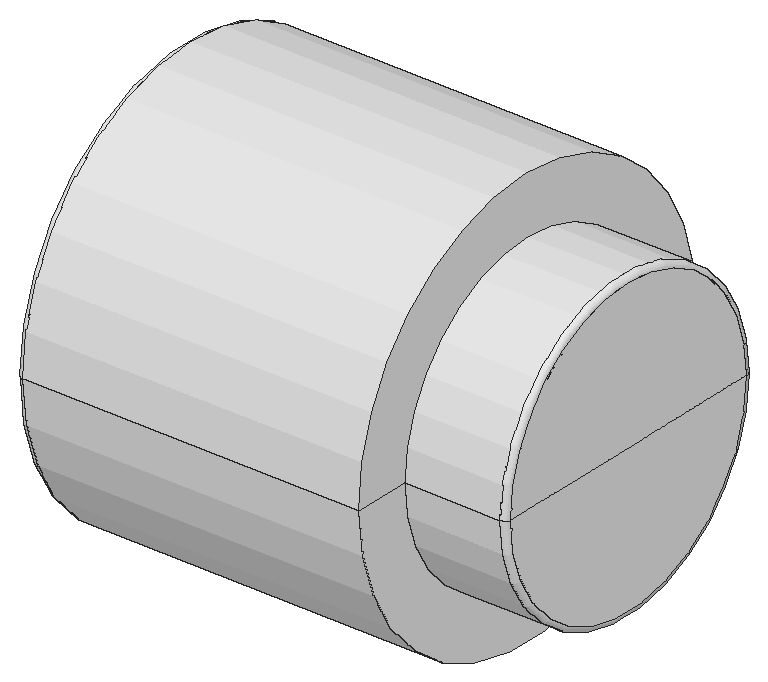
Revit family "BIMLIB_Муфта_комбинированная_НР", category Соединительные детали трубопроводов, Revit 2017
Family settings
  Размер круглого соединителя = Использовать диаметр
  Тип детали = Соединение
  На основе рабочей плоскости = Нет
  Всегда вертикально = Да
  При загрузке вырезать с полостями = Нет
  Общий = Нет
Parameters (values of type "Муфта комбинированная НР")
  Описание = "Муфта комбинированная наружная резьба"  # constant formula
  K Coefficient = 0.7  # constant formula
  built-in parameter 1114242 [instance] = (empty or 0)
  Изготовитель = "РОСТерм"  # constant formula
  РТ_dL [instance] = РТ_L  # 39 mm
  URL = "http://rostherm.ru/"
  РТ_L [instance] = size_lookup("Муфта комбинированная НР", "РТ_L", 0 mm, РТ_DN, РТ_GN)  # 39 mm
  РТ_GN [instance] = 15 mm
  РТ_D_нар [instance] = РТ_DN * 1.35  # 27 mm
  РТ_DN [instance] = 20 mm
  РТ_D [instance] = size_lookup("Муфта комбинированная НР", "РТ_D", 0 mm, РТ_DN, РТ_GN)  # 37 mm
  BL_Разработано = "support@bimlib.ru"  # constant formula
  BL_Email = "rostherm@bimlib.ru"  # constant formula
  BL_BIM library = "https://bimlib.pro/manufacturer/rosterm/1632/"
  ADSK_Примечание = ""
  ADSK_Позиция = ""
  ADSK_Обозначение = "ГОСТ 32415-2013"  # constant formula
  ADSK_Наименование краткое [instance] = size_lookup("КРнаим", "", "", РТ_DN, РТ_GN)  # "Муфта комбинированная НР 20-1/2\""
  ADSK_Наименование [instance] = size_lookup("Муфта комбинированная НР", "", "", РТ_DN, РТ_GN)  # "Муфта комбинированная наружная резьба 20-1/2\""
  ADSK_Материал = BIMLIM_Белый_РОСТерм
  ADSK_Масса [instance] = 0
  ADSK_Марка [instance] = size_lookup("марка", "", "", РТ_DN, РТ_GN)  # "НР 20-1/2\""
  ADSK_Код изделия [instance] = size_lookup("код", "", "", РТ_DN, РТ_GN)  # "MM20-12"
  ADSK_Завод-изготовитель = "РОСТерм"  # constant formula
  ADSK_Единица измерения = "шт"  # constant formula
  ADSK_Версия Revit = "2017"  # constant formula
  ADSK_URL страницы изделия = "http://rostherm.ru/truby-i-fitingi-iz-polipropilena-pprt/"
  ADSK_URL документации изделия = "http://rostherm.ru/"
Reference planes
  plane 1 "По центру (Вперед/Назад)": y = 0
  plane 2: z = 0
  plane 3 "По центру (Влево/Вправо)": x = 0
  plane 4: x = -19.5
  plane 5: x = 19.5
  plane 6: y = 13.5
  plane 7: y = -13.5
  plane 8: y = 18.5
  plane 9: y = -18.5
  plane 10: x = 19.5
Forms (mm)
  Revolve 1, solid, material "BIMLIM_Белый_РОСТерм", detail levels medium+fine
    sketch origin (0, 0, 0) x (1, 0, 0) y (0, 1, 0)
      loop
        line (10.565, 13.5) -> (10.565, 0) -> (19.5, 0) -> (19.5, 13)
        arc (19.5, 13) -> (19.354, 13.354) -> (19, 13.5) r 0.5
        line (19, 13.5) -> (10.565, 13.5)
      axis (10.565, 0) -> (19.5, 0)
    angle from 0 to 360
  Revolve 2, solid, material "BIMLIM_Белый_РОСТерм", detail levels medium+fine
    sketch origin (0, 0, 0) x (1, 0, 0) y (0, 1, 0)
      loop
        arc (-19, 18.5) -> (-19.354, 18.354) -> (-19.5, 18) r 0.5
        line (-19.5, 18) -> (-19.5, 0) -> (10.565, 0) -> (10.565, 18.5) -> (-19, 18.5)
      axis (-19.5, 0) -> (10.565, 0)
    angle from 0 to 360
Lines and regions (mm)
  reference lines
    curve 1: line (-19.5, 0, 0) -> (19.5, 0, 0)
Dimensions and locks
  equal spacing: plane 6, plane 1 "По центру (Вперед/Назад)", plane 7
  "РТ_D_нар": plane 6 to plane 7
  equal spacing: plane 8, plane 1 "По центру (Вперед/Назад)", plane 9
  "РТ_D": plane 8 to plane 9
  "РТ_dL": plane 4 to plane 5
  "РТ_L": plane 4 to plane 10
  radius of Revolve 1 sketch curve = 0.5 mm
  radius of Revolve 2 sketch curve = 0.5 mm
  aligned and locked: level to plane 2
  aligned and locked: Revolve 1 sketch curve to plane 6
  aligned and locked: Revolve 1 sketch curve to plane 1 "По центру (Вперед/Назад)"
  aligned and locked: Revolve 1 sketch curve to plane 5
  aligned and locked: Revolve 1 sketch curve to Revolve 1 sketch curve
  aligned and locked: Revolve 2 sketch curve to plane 8
  aligned and locked: plane 4 to Revolve 2 sketch curve
  aligned and locked: Revolve 2 sketch curve to plane 1 "По центру (Вперед/Назад)"
  aligned and locked: Revolve 2 sketch curve to Revolve 2 sketch curve  (x2)
  aligned and locked: plane 1 "По центру (Вперед/Назад)" to nested 1
  aligned and locked: plane 3 "По центру (Влево/Вправо)" to nested 1
  aligned and locked: plane 4 to nested 1
  aligned and locked: plane 5 to nested 1
  aligned and locked: plane 4 to curve 1
  aligned and locked: plane 5 to curve 1
  aligned and locked: plane 1 "По центру (Вперед/Назад)" to curve 1
  aligned and locked: Revolve 2 to Revolve 1
Automatic sketch dimensions
  Revolve 1 sketch curve to plane 3 "По центру (Влево/Вправо)" = 0 mm
  Revolve 1 sketch curve to Revolve 1 sketch curve = 8.435 mm
  Revolve 1 sketch curve to Revolve 1 sketch curve = 7.469 mm
  Revolve 2 sketch curve to plane 3 "По центру (Влево/Вправо)" = 0 mm
  Revolve 2 sketch curve to plane 5 = 8.935 mm
  Revolve 2 sketch curve to Revolve 2 sketch curve = 0 mm
Nested families
  nested 1: "УГО_Переходник" at (0, 0, 0), Высота_ном <- "РТ_D", type "УГО_Переходник", detail levels coarse
    with Длина_ном 19.5 mm, Длина ном1 19.5 mm, Высота_ном 37 mm
Connectors
  piping at (-19.5, 0, 0), diameter 20, driven by "РТ_DN"
    settings: on curve 1, index 1, connector inside diameter 609.6 mm, connector length 0 mm, flow factor 0, pipe flow 0.0 L/s, pressure drop 0.0 Pa, fitting loss kfactor 0, connector angle 0.00°, fixture units 0, engagement length 0 mm, angle of deflection 0.00°, flow configuration 0, flow direction 0, fitting loss method 4, system type 28, joint type 0, gender type 0, connector reference index 2, connector utility 0, adjustable connector yes, is connector primary yes, connector description ""
  piping at (19.5, 0, 0), diameter 15, driven by "РТ_GN"
    settings: on curve 1, index 2, connector inside diameter 609.6 mm, connector length 0 mm, flow factor 0, pipe flow 0.0 L/s, pressure drop 0.0 Pa, fitting loss kfactor 0, connector angle 0.00°, fixture units 0, engagement length 0 mm, angle of deflection 0.00°, flow configuration 0, flow direction 0, fitting loss method 4, system type 28, joint type 0, gender type 0, connector reference index 1, connector utility 0, adjustable connector yes, is connector primary no, connector description ""
Definition of nested family "УГО_Переходник"
  Parameters (values of type "УГО_Переходник")
    Длина_ном [instance] = 70 mm
    Длина ном1 [instance] = 70 mm
    Высота_ном [instance] = 40 mm
  Reference planes
    plane 1 "По центру (Вперед/Назад)": y = 0
    plane 2: z = 0
    plane 3 "По центру (Влево/Вправо)": x = 0
    plane 4: z = 20
    plane 5: z = -20
    plane 6: x = -70
    plane 7: x = 70
    plane 8: y = 20
    plane 9: y = -20
  Lines and regions (mm)
    symbolic lines, detail levels coarse
      curve 1: line (-70, -20, 0) -> (-70, 20, 0)
      curve 5: line (-70, 20, 0) -> (70, 0, 0)
      curve 6: line (-70, -20, 0) -> (70, 0, 0)
    model lines, detail levels coarse+medium
      curve 2: line (-70, -20, 0) -> (-70, 20, 0)
      curve 3: line (-70, 20, 0) -> (70, 0, 0)
      curve 4: line (-70, -20, 0) -> (70, 0, 0)
  Dimensions and locks
    equal spacing: plane 4, plane 2, plane 5
    "Высота_ном": plane 4 to plane 5
    equal spacing: plane 8, plane 1 "По центру (Вперед/Назад)", plane 9
    "Высота_ном": plane 8 to plane 9
    "Длина_ном": plane 3 "По центру (Влево/Вправо)" to plane 7
    "Длина ном1": plane 6 to plane 3 "По центру (Влево/Вправо)"
    aligned and locked: level to plane 2
    aligned and locked: plane 9 to curve 4
    aligned and locked: plane 1 "По центру (Вперед/Назад)" to curve 4
    aligned and locked: plane 8 to curve 5
    aligned and locked: plane 6 to curve 5
    aligned and locked: plane 7 to curve 4
    aligned and locked: plane 7 to curve 3
  Automatic sketch dimensions
    curve 5 to plane 7 = 0 mm
